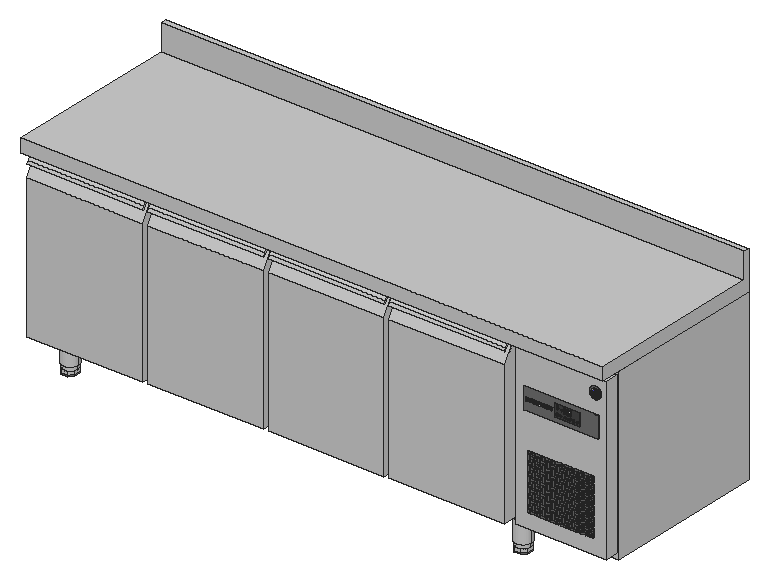
Revit family "QF_HOSHIZAKI_889040826", category Specialty Equipment, Revit 2016 (continued)
Definition of nested family "QF_HOSHIZAKI_ADVANCE_REF-COUNTER-DOORS-DRAWERS"
  Dimensions and locks
    aligned and locked: plane 1 "Back" to nested 5
    aligned and locked: plane 3 "Left" to nested 6
    aligned and locked: plane 1 "Back" to nested 6
    aligned and locked: plane 3 "Left" to nested 7
    aligned and locked: plane 1 "Back" to nested 7
  Nested families
    nested 1: "Right_Door" at (0, 0, 0), Section size <- "Section size", type "Right door"
      with Worktop thickness 50 mm, Section size 446 mm, Legs height 0 mm, Height Actual 700 mm, Depth Actual 0 mm
    nested 2: "Left_Door" at (0, 0, 0), Section size <- "Section size", type "Left door"
      with Worktop thickness 50 mm, Section size 446 mm, Legs height 0 mm, Height Actual 700 mm, Depth Actual 0 mm, Left hand hinged door no
    nested 3: "3_Drawers_1-3" at (0, 0, 0), Section size <- "Section size", type "3 Drawers 1-3"
      with Worktop thickness 50 mm, Section size 446 mm, Legs height 0 mm, Height Actual 700 mm, Depth Actual 0 mm, 3 Drawers no
    nested 4: "2_Drawers_1-2" at (0, 0, 0), Section size <- "Section size", type "2 Drawers 1-2"
      with Worktop thickness 50 mm, Section size 446 mm, Legs height 0 mm, Height Actual 700 mm, Depth Actual 0 mm, 2 Drawers no
    nested 5: "3_Drawers_1-3_2-3" at (0, 0, 0), Section size <- "Section size", type "2 Drawers 1-3 and 2-3"
      with Worktop thickness 40 mm, Section size 446 mm, Legs height 0 mm, Height Actual 750 mm, Depth Actual 0 mm, 2 Drawers 1-3 and 2-3 no
    nested 6: "Right_Glass_Door" at (0, 0, 0), Section size <- "Section size", type "Right glass door"
      with Worktop thickness 40 mm, Section size 446 mm, Legs height 0 mm, Height Actual 750 mm, Depth Actual 0 mm, Right hand hinged glass door no
    nested 7: "Left_Glass_Door" at (0, 0, 0), Section size <- "Section size", type "Left glass door"
      with Worktop thickness 40 mm, Section size 446 mm, Legs height 0 mm, Height Actual 750 mm, Depth Actual 0 mm, Left hand hinged glass door no
  Definition of nested family "Right_Door"
    Parameters (values of type "Right door")
      Worktop thickness [instance] = 50 mm
      URL = "www.specifiglobal.com"
      Section size [instance] = 446 mm
      Right hand hinged door = yes
      Model = ""
      Manufacturer = "DEMO CONSULTANT"
      Legs height [instance] = 150 mm
      Height Actual [instance] = 850 mm
      Description = ""
      Depth Actual [instance] = 700 mm
      Assembly Code = "E1090320"
    Reference planes
      plane 1 "Back": y = 0
      plane 2: z = 0
      plane 3 "Left": x = 0
      plane 4 "Right": x = 446
      plane 5 "Front": y = -700
      plane 6 "Top": z = 850
      plane 7 "Front door": y = -633
      plane 8 "Bottom shelf": z = 150
      plane 9 "Worktop bottom": z = 800
      plane 10: z = 784
      plane 11: z = 170
    Forms (mm)
      Extrusion 1, solid, visible <- "Right hand hinged door", detail levels coarse
        sketch origin (0, -608.657, 170) x (0, 1, 0) y (-1, 0, 0)
          loop
            arc (-85.343, 0) -> (-400.712, -130.63) -> (-531.343, -446) r 446
            line (-531.343, -446) -> (-85.343, -446) -> (-85.343, 0)
        from 0 to 614
      Extrusion 2, solid, visible <- "Right hand hinged door"
        sketch origin (860, -633, 4000) x (-1, 0, 0) y (0, 0, 1)
          loop
            line (852, -3224) -> (422, -3224) -> (422, -3822) -> (852, -3822) -> (852, -3224)
          loop
            line (823, -3253) -> (451, -3253) -> (451, -3793) -> (823, -3793) -> (823, -3253)
        from 0 to -11
      Extrusion 3, solid, visible <- "Right hand hinged door"
        sketch origin (0, 0, 0) x (0, 1, 0) y (0, 0, 1)
          loop
            line (-644, 784) -> (-675.296, 784)
            arc (-675.296, 784) -> (-683.245, 781.721) -> (-688.778, 775.576) r 15
            line (-688.778, 775.576) -> (-694, 764.869) -> (-692.202, 763.992) -> (-686.981, 774.699)
            arc (-686.981, 774.699) -> (-682.185, 780.025) -> (-675.296, 782) r 13
            line (-675.296, 782) -> (-656.484, 782) -> (-694, 717.02) -> (-694, 170) -> (-644, 170) -> (-644, 784)
        from 0 to 446
    Lines and regions (mm)
      symbolic lines, visible <- "Right hand hinged door"
        curve 1: line (446, -700, 850) -> (446, -1140, 850)
        curve 2: arc (0.04, -700, 850) -> (132.759, -1011.484, 850) -> (446, -1140, 850) r 446
    Dimensions and locks
      "Section size": plane 3 "Left" to plane 4 "Right"
      "Depth Actual": plane 5 "Front" to plane 1 "Back"
      "Height Actual": plane 6 "Top" to level
      locked: plane 7 "Front door" to plane 5 "Front" at 67
      "Legs height": plane 8 "Bottom shelf" to plane 2
      "Worktop thickness": plane 6 "Top" to plane 9 "Worktop bottom"
      locked: plane 11 to plane 8 "Bottom shelf" at 20
      locked: plane 9 "Worktop bottom" to plane 10 at 16
      aligned and locked: level to plane 2
      aligned and locked: Extrusion 1 to plane 10
      aligned and locked: Extrusion 3 to plane 4 "Right"
      aligned and locked: curve 2 to Extrusion 1
      aligned and locked: plane 10 to Extrusion 3 sketch curve
      aligned and locked: Extrusion 3 sketch curve to plane 11
    Automatic sketch dimensions
      plane 4 "Right" to Extrusion 2 sketch curve = 8 mm
      plane 4 "Right" to Extrusion 2 sketch curve = 37 mm
      plane 3 "Left" to Extrusion 2 sketch curve = 37 mm
      plane 3 "Left" to Extrusion 2 sketch curve = 8 mm
      plane 11 to Extrusion 2 sketch curve = 8 mm
      plane 11 to Extrusion 2 sketch curve = 37 mm
      Extrusion 2 sketch curve to plane 10 = 37 mm
      Extrusion 2 sketch curve to plane 10 = 8 mm
      Extrusion 1 sketch curve to plane 4 "Right" = 0 mm
      Extrusion 1 sketch curve to plane 3 "Left" = 0 mm
      plane 5 "Front" to Extrusion 1 sketch curve = 6 mm
      curve 1 to plane 5 "Front" = 0 mm
      curve 2 to plane 5 "Front" = 0 mm
      Extrusion 3 sketch curve to Extrusion 3 sketch curve = 0 mm  (x2)
      Extrusion 3 sketch curve to plane 7 "Front door" = 61 mm  (x2)
      Extrusion 3 sketch curve to Extrusion 3 sketch curve = 1.798 mm  (x2)
      Extrusion 3 sketch curve to plane 10 = 8.424 mm
      Extrusion 3 sketch curve to Extrusion 3 sketch curve = 5.222 mm
      Extrusion 3 sketch curve to plane 10 = 9.301 mm
      Extrusion 3 sketch curve to plane 7 "Front door" = 42.296 mm
      Extrusion 3 sketch curve to plane 7 "Front door" = 23.484 mm
      Extrusion 3 sketch curve to Extrusion 3 sketch curve = 12.484 mm
      Extrusion 3 sketch curve to Extrusion 3 sketch curve = 46.972 mm
  Definition of nested family "Left_Door"
    Parameters (values of type "Left door")
      Worktop thickness [instance] = 50 mm
      URL = "www.specifiglobal.com"
      Section size [instance] = 450 mm
      Model = ""
      Manufacturer = "DEMO CONSULTANT"
      Legs height [instance] = 150 mm
      Left hand hinged door = yes
      Height Actual [instance] = 850 mm
      Description = ""
      Depth Actual [instance] = 700 mm
      Assembly Code = "E1090320"
    Reference planes
      plane 1 "Back": y = 0
      plane 2: z = 0
      plane 3 "Left": x = 0
      plane 4 "Right": x = 450
      plane 5 "Front": y = -700
      plane 6 "Top": z = 850
      plane 7 "Front door": y = -633
      plane 8 "Bottom shelf": z = 150
      plane 9 "Worktop bottom": z = 800
      plane 10: z = 784
      plane 11: z = 170
    Forms (mm)
      Extrusion 1, solid, visible <- "Left hand hinged door"
        sketch origin (860, -633, 4000) x (-1, 0, 0) y (0, 0, 1)
          loop
            line (852, -3224) -> (418, -3224) -> (418, -3822) -> (852, -3822) -> (852, -3224)
          loop
            line (823, -3253) -> (447, -3253) -> (447, -3793) -> (823, -3793) -> (823, -3253)
        from 0 to -11
      Extrusion 2, solid, visible <- "Left hand hinged door"
        sketch origin (0, 0, 0) x (0, 1, 0) y (0, 0, 1)
          loop
            line (-644, 784) -> (-675.296, 784)
            arc (-675.296, 784) -> (-683.245, 781.721) -> (-688.778, 775.576) r 15
            line (-688.778, 775.576) -> (-694, 764.869) -> (-692.202, 763.992) -> (-686.981, 774.699)
            arc (-686.981, 774.699) -> (-682.185, 780.025) -> (-675.296, 782) r 13
            line (-675.296, 782) -> (-656.484, 782) -> (-694, 717.02) -> (-694, 170) -> (-644, 170) -> (-644, 784)
        from 0 to 450
      Extrusion 3, solid, visible <- "Left hand hinged door", detail levels coarse
        sketch origin (0, -608.657, 170) x (0, 1, 0) y (-1, 0, 0)
          loop
            line (-85.343, -450) -> (-85.343, 0) -> (-535.343, 0)
            arc (-535.343, 0) -> (-403.541, -318.198) -> (-85.343, -450) r 450
        from 0 to 614
    Lines and regions (mm)
      symbolic lines, visible <- "Left hand hinged door"
        curve 1: line (0, -700, 850) -> (0, -1144, 850)
        curve 2: arc (0, -1144, 850) -> (316.07, -1014.312, 850) -> (449.96, -700, 850) r 450
    Dimensions and locks
      "Section size": plane 3 "Left" to plane 4 "Right"
      "Depth Actual": plane 5 "Front" to plane 1 "Back"
      "Height Actual": plane 6 "Top" to level
      locked: plane 7 "Front door" to plane 5 "Front" at 67
      "Legs height": plane 8 "Bottom shelf" to plane 2
      "Worktop thickness": plane 6 "Top" to plane 9 "Worktop bottom"
      locked: plane 11 to plane 8 "Bottom shelf" at 20
      locked: plane 9 "Worktop bottom" to plane 10 at 16
      aligned and locked: level to plane 2
      aligned and locked: Extrusion 2 to plane 4 "Right"
      aligned and locked: Extrusion 3 to plane 10
      aligned and locked: curve 2 to Extrusion 3
      aligned and locked: plane 10 to Extrusion 2 sketch curve
      aligned and locked: Extrusion 2 sketch curve to plane 11
    Automatic sketch dimensions
      plane 4 "Right" to Extrusion 1 sketch curve = 8 mm
      plane 4 "Right" to Extrusion 1 sketch curve = 37 mm
      plane 3 "Left" to Extrusion 1 sketch curve = 37 mm
      plane 3 "Left" to Extrusion 1 sketch curve = 8 mm
      plane 11 to Extrusion 1 sketch curve = 8 mm
      plane 11 to Extrusion 1 sketch curve = 37 mm
      Extrusion 1 sketch curve to plane 10 = 37 mm
      Extrusion 1 sketch curve to plane 10 = 8 mm
      Extrusion 3 sketch curve to plane 3 "Left" = 0 mm
      Extrusion 3 sketch curve to plane 4 "Right" = 0 mm
      plane 5 "Front" to Extrusion 3 sketch curve = 6 mm
      curve 1 to plane 5 "Front" = 0 mm
      curve 2 to plane 5 "Front" = 0 mm
      Extrusion 2 sketch curve to Extrusion 2 sketch curve = 0 mm  (x2)
      plane 5 "Front" to Extrusion 2 sketch curve = 6 mm  (x2)
      Extrusion 2 sketch curve to Extrusion 2 sketch curve = 1.798 mm
      plane 5 "Front" to Extrusion 2 sketch curve = 11.222 mm
      Extrusion 2 sketch curve to Extrusion 2 sketch curve = 11.684 mm
      Extrusion 2 sketch curve to Extrusion 2 sketch curve = 18.812 mm
      Extrusion 2 sketch curve to plane 7 "Front door" = 11 mm
      Extrusion 2 sketch curve to plane 10 = 66.98 mm
      Extrusion 2 sketch curve to plane 10 = 20.008 mm
      Extrusion 2 sketch curve to Extrusion 2 sketch curve = 0.877 mm  (x2)
  Definition of nested family "3_Drawers_1-3"
    Parameters (values of type "3 Drawers 1-3")
      Worktop thickness [instance] = 50 mm
      URL = "www.specifiglobal.com"
      Section size [instance] = 446 mm
      Model = ""
      Manufacturer = "DEMO CONSULTANT"
      Legs height [instance] = 150 mm
      Height Actual [instance] = 850 mm
      Description = ""
      Depth Actual [instance] = 700 mm
      Assembly Code = "E1090320"
      3 Drawers = yes
    Reference planes
      plane 1 "Back": y = 0
      plane 2: z = 0
      plane 3 "Left": x = 0
      plane 4 "Right": x = 446
      plane 5 "Front": y = -700
      plane 6 "Top": z = 850
      plane 7 "Front door": y = -633
      plane 8 "Bottom shelf": z = 150
      plane 9 "Worktop bottom": z = 800
      plane 10: z = 784
      plane 11: z = 170
      plane 12: z = 584
      plane 13: z = 577
      plane 14: z = 370
      plane 15: z = 377
      plane 16: z = 580.5
      plane 17: z = 373.5
      plane 18: z = 166.5
      plane 19: z = 787.5
    Forms (mm)
      Extrusion 1, solid, visible <- "3 Drawers"
        sketch origin (860, -633, 4000) x (-1, 0, 0) y (0, 0, 1)
          loop
            line (852, -3224) -> (422, -3224) -> (422, -3408) -> (852, -3408) -> (852, -3224)
          loop
            line (823, -3253) -> (451, -3253) -> (451, -3379) -> (823, -3379) -> (823, -3253)
        from 0 to -11
      Extrusion 2, solid, visible <- "3 Drawers"
        sketch origin (0, 0, 0) x (0, 1, 0) y (0, 0, 1)
          loop
            line (-644, 784) -> (-675.296, 784)
            arc (-675.296, 784) -> (-683.245, 781.721) -> (-688.778, 775.576) r 15
            line (-688.778, 775.576) -> (-694, 764.869) -> (-692.202, 763.992) -> (-686.981, 774.699)
            arc (-686.981, 774.699) -> (-682.185, 780.025) -> (-675.296, 782) r 13
            line (-675.296, 782) -> (-656.484, 782) -> (-694, 717.02) -> (-694, 584) -> (-644, 584) -> (-644, 784)
        from 0 to 446
      Extrusion 3, solid, visible <- "3 Drawers"
        sketch origin (0, 0, -237.3) x (0, 1, 0) y (0, 0, 1)
          loop
            line (-644, 814.3) -> (-675.296, 814.3)
            arc (-675.296, 814.3) -> (-683.245, 812.021) -> (-688.778, 805.876) r 15
            line (-688.778, 805.876) -> (-694, 795.169) -> (-692.202, 794.292) -> (-686.981, 804.999)
            arc (-686.981, 804.999) -> (-682.185, 810.325) -> (-675.296, 812.3) r 13
            line (-675.296, 812.3) -> (-656.484, 812.3) -> (-694, 747.32) -> (-694, 614.3) -> (-644, 614.3) -> (-644, 814.3)
        from 0 to 446
      Extrusion 4, solid, visible <- "3 Drawers"
        sketch origin (0, 0, -463.333) x (0, 1, 0) y (0, 0, 1)
          loop
            line (-644, 833.333) -> (-675.296, 833.333)
            arc (-675.296, 833.333) -> (-683.245, 831.054) -> (-688.778, 824.909) r 15
            line (-688.778, 824.909) -> (-694, 814.202) -> (-692.202, 813.326) -> (-686.981, 824.032)
            arc (-686.981, 824.032) -> (-682.185, 829.358) -> (-675.296, 831.333) r 13
            line (-675.296, 831.333) -> (-656.484, 831.333) -> (-694, 766.353) -> (-694, 633.333) -> (-644, 633.333) -> (-644, 833.333)
        from 0 to 446
      Extrusion 5, solid, visible <- "3 Drawers"
        sketch origin (860, -633, 3773.7) x (-1, 0, 0) y (0, 0, 1)
          loop
            line (852, -3204.7) -> (422, -3204.7) -> (422, -3388.7) -> (852, -3388.7) -> (852, -3204.7)
          loop
            line (823, -3233.7) -> (451, -3233.7) -> (451, -3359.7) -> (823, -3359.7) -> (823, -3233.7)
        from 0 to -11
      Extrusion 6, solid, visible <- "3 Drawers"
        sketch origin (860, -633, 3547) x (-1, 0, 0) y (0, 0, 1)
          loop
            line (852, -3185) -> (422, -3185) -> (422, -3369) -> (852, -3369) -> (852, -3185)
          loop
            line (823, -3214) -> (451, -3214) -> (451, -3340) -> (823, -3340) -> (823, -3214)
        from 0 to -11
      Extrusion 7, solid, visible <- "3 Drawers", detail levels coarse
        sketch origin (0, -608.657, 584) x (0, 1, 0) y (-1, 0, 0)
          loop
            line (-85.343, 0) -> (-551.343, 0) -> (-551.343, -446) -> (-85.343, -446) -> (-85.343, 0)
        from 0 to 200
      Extrusion 8, solid, visible <- "3 Drawers", detail levels coarse
        sketch origin (0, -503.657, 377) x (0, 1, 0) y (-1, 0, 0)
          loop
            line (-190.343, 0) -> (-656.343, 0) -> (-656.343, -446) -> (-190.343, -446) -> (-190.343, 0)
        from 0 to 200
      Extrusion 9, solid, visible <- "3 Drawers", detail levels coarse
        sketch origin (0, -343.657, 170) x (0, 1, 0) y (-1, 0, 0)
          loop
            line (-350.343, 0) -> (-816.343, 0) -> (-816.343, -446) -> (-350.343, -446) -> (-350.343, 0)
        from 0 to 200
    Lines and regions (mm)
      symbolic lines, visible <- "3 Drawers"
        curve 1: line (0, -808, 850) -> (0, -854, 850)
        curve 2: line (0, -854, 850) -> (446, -854, 850)
        curve 3: line (446, -854, 850) -> (446, -808, 850)
        curve 4: line (446, -808, 850) -> (0, -808, 850)
        curve 5: line (416, -808, 850) -> (416, -700, 850)
        curve 6: line (30, -808, 850) -> (30, -700, 850)
        curve 7: line (0, -961, 850) -> (0, -1007, 850)
        curve 8: line (0, -1007, 850) -> (446, -1007, 850)
        curve 9: line (446, -1007, 850) -> (446, -961, 850)
        curve 10: line (446, -961, 850) -> (0, -961, 850)
        curve 11: line (416, -961, 850) -> (416, -854, 850)
        curve 12: line (30, -961, 850) -> (30, -854, 850)
        curve 13: line (0, -1114, 850) -> (0, -1160, 850)
        curve 14: line (0, -1160, 850) -> (446, -1160, 850)
        curve 15: line (446, -1160, 850) -> (446, -1114, 850)
        curve 16: line (446, -1114, 850) -> (0, -1114, 850)
        curve 17: line (416, -1114, 850) -> (416, -1007, 850)
        curve 18: line (30, -1114, 850) -> (30, -1007, 850)
    Dimensions and locks
      "Section size": plane 3 "Left" to plane 4 "Right"
      "Depth Actual": plane 5 "Front" to plane 1 "Back"
      "Height Actual": plane 6 "Top" to level
      locked: plane 7 "Front door" to plane 5 "Front" at 67
      "Legs height": plane 8 "Bottom shelf" to plane 2
      "Worktop thickness": plane 6 "Top" to plane 9 "Worktop bottom"
      locked: plane 11 to plane 8 "Bottom shelf" at 20
      locked: plane 9 "Worktop bottom" to plane 10 at 16
      locked: plane 12 to plane 13 at 7
      locked: plane 15 to plane 14 at 7
      locked: plane 11 to plane 18 at 3.5
      equal spacing: plane 12, plane 16, plane 13
      equal spacing: plane 15, plane 17, plane 14
      locked: plane 19 to plane 10 at 3.5
      equal spacing: plane 19, plane 16, plane 17, plane 18
      aligned and locked: level to plane 2
      aligned and locked: Extrusion 2 to plane 4 "Right"
      aligned and locked: Extrusion 3 to plane 4 "Right"
      aligned and locked: Extrusion 4 to plane 4 "Right"
      aligned and locked: plane 4 "Right" to Extrusion 7 sketch curve
      aligned and locked: plane 3 "Left" to Extrusion 7 sketch curve
      aligned and locked: Extrusion 7 to plane 10
      aligned and locked: Extrusion 8 to plane 13
      aligned and locked: Extrusion 9 to plane 14
      aligned and locked: plane 10 to Extrusion 2 sketch curve
      aligned and locked: Extrusion 2 sketch curve to plane 12
      aligned and locked: Extrusion 3 sketch curve to plane 15
      aligned and locked: plane 13 to Extrusion 3 sketch curve
    Automatic sketch dimensions
      plane 4 "Right" to Extrusion 1 sketch curve = 8 mm
      plane 4 "Right" to Extrusion 1 sketch curve = 37 mm
      plane 3 "Left" to Extrusion 1 sketch curve = 37 mm
      plane 3 "Left" to Extrusion 1 sketch curve = 8 mm
      plane 12 to Extrusion 1 sketch curve = 8 mm
      plane 12 to Extrusion 1 sketch curve = 37 mm
      Extrusion 1 sketch curve to plane 10 = 37 mm
      Extrusion 1 sketch curve to plane 10 = 8 mm
      plane 4 "Right" to Extrusion 5 sketch curve = 8 mm
      plane 4 "Right" to Extrusion 5 sketch curve = 37 mm
      plane 3 "Left" to Extrusion 5 sketch curve = 37 mm
      plane 3 "Left" to Extrusion 5 sketch curve = 8 mm
      plane 15 to Extrusion 5 sketch curve = 8 mm
      plane 15 to Extrusion 5 sketch curve = 37 mm
      Extrusion 5 sketch curve to plane 13 = 37 mm
      Extrusion 5 sketch curve to plane 13 = 8 mm
      plane 4 "Right" to Extrusion 6 sketch curve = 8 mm
      plane 4 "Right" to Extrusion 6 sketch curve = 37 mm
      plane 3 "Left" to Extrusion 6 sketch curve = 37 mm
      plane 3 "Left" to Extrusion 6 sketch curve = 8 mm
      plane 11 to Extrusion 6 sketch curve = 8 mm
      plane 11 to Extrusion 6 sketch curve = 37 mm
      Extrusion 6 sketch curve to plane 14 = 37 mm
      Extrusion 6 sketch curve to plane 14 = 8 mm
      Extrusion 7 sketch curve to plane 5 "Front" = 460 mm
      plane 5 "Front" to Extrusion 7 sketch curve = 6 mm
      Extrusion 8 sketch curve to plane 3 "Left" = 0 mm
      Extrusion 8 sketch curve to plane 4 "Right" = 0 mm
      Extrusion 8 sketch curve to plane 5 "Front" = 460 mm
      plane 5 "Front" to Extrusion 8 sketch curve = 6 mm
      Extrusion 9 sketch curve to plane 3 "Left" = 0 mm
      Extrusion 9 sketch curve to plane 4 "Right" = 0 mm
      Extrusion 9 sketch curve to plane 5 "Front" = 460 mm
      plane 5 "Front" to Extrusion 9 sketch curve = 6 mm
      curve 13 to plane 3 "Left" = 0 mm
      curve 14 to plane 4 "Right" = 0 mm
      curve 7 to plane 3 "Left" = 0 mm
      curve 8 to plane 4 "Right" = 0 mm
      curve 1 to plane 3 "Left" = 0 mm
      curve 3 to plane 4 "Right" = 0 mm
      curve 6 to plane 5 "Front" = 0 mm
      curve 5 to plane 5 "Front" = 0 mm
      curve 1 to plane 5 "Front" = 108 mm
      curve 2 to curve 3 = 46 mm
      curve 7 to curve 1 = 107 mm
      curve 9 to curve 9 = 46 mm
      curve 16 to curve 7 = 107 mm
      curve 14 to curve 13 = 46 mm
      curve 8 to curve 17 = 30 mm
      curve 9 to curve 11 = 30 mm
      curve 3 to curve 5 = 30 mm
      plane 3 "Left" to curve 6 = 30 mm
      plane 3 "Left" to curve 18 = 30 mm
      plane 3 "Left" to curve 12 = 30 mm
      Extrusion 2 sketch curve to Extrusion 2 sketch curve = 0 mm  (x3)
      plane 5 "Front" to Extrusion 2 sketch curve = 6 mm  (x2)
      Extrusion 2 sketch curve to Extrusion 2 sketch curve = 1.798 mm  (x2)
      Extrusion 2 sketch curve to Extrusion 2 sketch curve = 11.684 mm
      plane 5 "Front" to Extrusion 2 sketch curve = 43.516 mm
      plane 5 "Front" to Extrusion 2 sketch curve = 56 mm
      Extrusion 2 sketch curve to plane 10 = 66.98 mm
      Extrusion 3 sketch curve to Extrusion 3 sketch curve = 0 mm  (x4)
      Extrusion 3 sketch curve to Extrusion 3 sketch curve = 1.798 mm  (x2)
      plane 5 "Front" to Extrusion 3 sketch curve = 11.222 mm
      Extrusion 3 sketch curve to Extrusion 3 sketch curve = 18.812 mm
      Extrusion 3 sketch curve to plane 7 "Front door" = 11 mm
      Extrusion 3 sketch curve to Extrusion 3 sketch curve = 46.972 mm
      Extrusion 4 sketch curve to Extrusion 4 sketch curve = 0 mm  (x2)
      Extrusion 4 sketch curve to plane 11 = 0 mm
      Extrusion 4 sketch curve to plane 14 = 0 mm
      Extrusion 4 sketch curve to plane 7 "Front door" = 61 mm  (x2)
      Extrusion 4 sketch curve to Extrusion 4 sketch curve = 1.798 mm  (x2)
      Extrusion 4 sketch curve to plane 14 = 8.424 mm
      Extrusion 4 sketch curve to Extrusion 4 sketch curve = 5.222 mm
      Extrusion 4 sketch curve to plane 14 = 9.301 mm
      Extrusion 4 sketch curve to plane 7 "Front door" = 42.296 mm
      Extrusion 4 sketch curve to plane 7 "Front door" = 23.484 mm
      Extrusion 4 sketch curve to plane 7 "Front door" = 11 mm
      Extrusion 4 sketch curve to Extrusion 4 sketch curve = 46.972 mm
      plane 5 "Front" to Extrusion 2 sketch curve = 11.222 mm
      plane 5 "Front" to Extrusion 3 sketch curve = 7.798 mm
      plane 5 "Front" to Extrusion 3 sketch curve = 6 mm
      Extrusion 3 sketch curve to Extrusion 3 sketch curve = 11.684 mm
      Extrusion 3 sketch curve to Extrusion 3 sketch curve = 66.98 mm
      Extrusion 3 sketch curve to Extrusion 3 sketch curve = 0.877 mm
      Extrusion 2 sketch curve to plane 10 = 20.008 mm
      Extrusion 2 sketch curve to Extrusion 2 sketch curve = 0.877 mm
  Definition of nested family "2_Drawers_1-2"
    Parameters (values of type "2 Drawers 1-2")
      Worktop thickness [instance] = 50 mm
      URL = "www.specifiglobal.com"
      Section size [instance] = 446 mm
      Model = ""
      Manufacturer = "DEMO CONSULTANT"
      Legs height [instance] = 150 mm
      Height Actual [instance] = 850 mm
      Description = ""
      Depth Actual [instance] = 700 mm
      Assembly Code = "E1090320"
      2 Drawers = yes
    Reference planes
      plane 1 "Back": y = 0
      plane 2: z = 0
      plane 3 "Left": x = 0
      plane 4 "Right": x = 446
      plane 5 "Front": y = -700
      plane 6 "Top": z = 850
      plane 7 "Front door": y = -633
      plane 8 "Bottom shelf": z = 150
      plane 9 "Worktop bottom": z = 800
      plane 10: z = 784
      plane 11: z = 170
      plane 12: z = 481
      plane 13: z = 473
      plane 14: z = 477
      plane 15: z = 792
      plane 16: z = 160
    Forms (mm)
      Extrusion 1, solid, visible <- "2 Drawers"
        sketch origin (860, -633, 4000) x (-1, 0, 0) y (0, 0, 1)
          loop
            line (852, -3224) -> (422, -3224) -> (422, -3511) -> (852, -3511) -> (852, -3224)
          loop
            line (823, -3253) -> (451, -3253) -> (451, -3482) -> (823, -3482) -> (823, -3253)
        from 0 to -11
      Extrusion 2, solid, visible <- "2 Drawers"
        sketch origin (0, 0, 0) x (0, 1, 0) y (0, 0, 1)
          loop
            line (-644, 784) -> (-675.296, 784)
            arc (-675.296, 784) -> (-683.245, 781.721) -> (-688.778, 775.576) r 15
            line (-688.778, 775.576) -> (-694, 764.869) -> (-692.202, 763.992) -> (-686.981, 774.699)
            arc (-686.981, 774.699) -> (-682.185, 780.025) -> (-675.296, 782) r 13
            line (-675.296, 782) -> (-656.484, 782) -> (-694, 717.02) -> (-694, 481) -> (-644, 481) -> (-644, 784)
        from 0 to 446
      Extrusion 3, solid, visible <- "2 Drawers"
        sketch origin (0, 0, -463.333) x (0, 1, 0) y (0, 0, 1)
          loop
            line (-644, 936.333) -> (-675.296, 936.333)
            arc (-675.296, 936.333) -> (-683.245, 934.054) -> (-688.778, 927.909) r 15
            line (-688.778, 927.909) -> (-694, 917.202) -> (-692.202, 916.326) -> (-686.981, 927.032)
            arc (-686.981, 927.032) -> (-682.185, 932.358) -> (-675.296, 934.333) r 13
            line (-675.296, 934.333) -> (-656.484, 934.333) -> (-694, 869.353) -> (-694, 633.333) -> (-644, 633.333) -> (-644, 936.333)
        from 0 to 446
      Extrusion 4, solid, visible <- "2 Drawers"
        sketch origin (860, -633, 3547) x (-1, 0, 0) y (0, 0, 1)
          loop
            line (852, -3082) -> (422, -3082) -> (422, -3369) -> (852, -3369) -> (852, -3082)
          loop
            line (823, -3111) -> (451, -3111) -> (451, -3340) -> (823, -3340) -> (823, -3111)
        from 0 to -11
      Extrusion 5, solid, visible <- "2 Drawers", detail levels coarse
        sketch origin (0, -608.657, 481) x (0, 1, 0) y (-1, 0, 0)
          loop
            line (-85.343, 0) -> (-551.343, 0) -> (-551.343, -446) -> (-85.343, -446) -> (-85.343, 0)
        from 0 to 303
      Extrusion 6, solid, visible <- "2 Drawers", detail levels coarse
        sketch origin (0, -343.657, 170) x (0, 1, 0) y (-1, 0, 0)
          loop
            line (-350.343, 0) -> (-816.343, 0) -> (-816.343, -446) -> (-350.343, -446) -> (-350.343, 0)
        from 0 to 303
    Lines and regions (mm)
      symbolic lines, visible <- "2 Drawers"
        curve 1: line (0, -884, 850) -> (0, -930, 850)
        curve 2: line (0, -930, 850) -> (446, -930, 850)
        curve 3: line (446, -930, 850) -> (446, -884, 850)
        curve 4: line (446, -884, 850) -> (0, -884, 850)
        curve 5: line (416, -884, 850) -> (416, -700, 850)
        curve 6: line (30, -884, 850) -> (30, -700, 850)
        curve 7: line (0, -1114, 850) -> (0, -1160, 850)
        curve 8: line (0, -1160, 850) -> (446, -1160, 850)
        curve 9: line (446, -1160, 850) -> (446, -1114, 850)
        curve 10: line (446, -1114, 850) -> (0, -1114, 850)
        curve 11: line (416, -1114, 850) -> (416, -930, 850)
        curve 12: line (30, -1114, 850) -> (30, -930, 850)
    Dimensions and locks
      "Section size": plane 3 "Left" to plane 4 "Right"
      "Depth Actual": plane 5 "Front" to plane 1 "Back"
      "Height Actual": plane 6 "Top" to level
      locked: plane 7 "Front door" to plane 5 "Front" at 67
      "Legs height": plane 8 "Bottom shelf" to plane 2
      "Worktop thickness": plane 6 "Top" to plane 9 "Worktop bottom"
      locked: plane 11 to plane 8 "Bottom shelf" at 20
      locked: plane 9 "Worktop bottom" to plane 10 at 16
      equal spacing: plane 9 "Worktop bottom", plane 15, plane 10
      equal spacing: plane 11, plane 16, plane 8 "Bottom shelf"
      plane 12 to plane 13 = 8 mm
      equal spacing: plane 12, plane 14, plane 13
      equal spacing: plane 10, plane 14, plane 11
      aligned and locked: level to plane 2
      aligned and locked: Extrusion 2 to plane 4 "Right"
      aligned and locked: Extrusion 3 to plane 4 "Right"
      aligned and locked: plane 4 "Right" to Extrusion 5 sketch curve
      aligned and locked: plane 3 "Left" to Extrusion 5 sketch curve
      aligned and locked: Extrusion 5 to plane 10
      aligned and locked: Extrusion 6 to plane 13
      aligned and locked: Extrusion 2 sketch curve to plane 12
      aligned and locked: plane 10 to Extrusion 2 sketch curve
      aligned and locked: Extrusion 3 sketch curve to plane 11
      aligned and locked: plane 13 to Extrusion 3 sketch curve
    Automatic sketch dimensions
      plane 4 "Right" to Extrusion 1 sketch curve = 8 mm
      plane 4 "Right" to Extrusion 1 sketch curve = 37 mm
      plane 3 "Left" to Extrusion 1 sketch curve = 37 mm
      plane 3 "Left" to Extrusion 1 sketch curve = 8 mm
      plane 12 to Extrusion 1 sketch curve = 8 mm
      plane 12 to Extrusion 1 sketch curve = 37 mm
      Extrusion 1 sketch curve to plane 10 = 37 mm
      Extrusion 1 sketch curve to plane 10 = 8 mm
      plane 4 "Right" to Extrusion 4 sketch curve = 8 mm
      plane 4 "Right" to Extrusion 4 sketch curve = 37 mm
      plane 3 "Left" to Extrusion 4 sketch curve = 37 mm
      plane 3 "Left" to Extrusion 4 sketch curve = 8 mm
      plane 11 to Extrusion 4 sketch curve = 8 mm
      plane 11 to Extrusion 4 sketch curve = 37 mm
      Extrusion 4 sketch curve to plane 13 = 37 mm
      Extrusion 4 sketch curve to plane 13 = 8 mm
      Extrusion 5 sketch curve to plane 5 "Front" = 460 mm
      plane 5 "Front" to Extrusion 5 sketch curve = 6 mm
      Extrusion 6 sketch curve to plane 3 "Left" = 0 mm
      Extrusion 6 sketch curve to plane 4 "Right" = 0 mm
      Extrusion 6 sketch curve to plane 5 "Front" = 460 mm
      plane 5 "Front" to Extrusion 6 sketch curve = 6 mm
      curve 8 to plane 3 "Left" = 0 mm
      curve 8 to plane 4 "Right" = 0 mm
      curve 3 to plane 4 "Right" = 0 mm
      curve 1 to plane 3 "Left" = 0 mm
      curve 5 to plane 5 "Front" = 0 mm
      curve 6 to plane 5 "Front" = 0 mm
      curve 4 to plane 5 "Front" = 184 mm
      curve 2 to curve 1 = 46 mm
      curve 7 to curve 1 = 184 mm
      curve 9 to curve 9 = 46 mm
      plane 4 "Right" to curve 5 = 30 mm
      plane 4 "Right" to curve 11 = 30 mm
      plane 3 "Left" to curve 12 = 30 mm
      plane 3 "Left" to curve 6 = 30 mm
      Extrusion 2 sketch curve to Extrusion 2 sketch curve = 0 mm  (x2)
      plane 5 "Front" to Extrusion 2 sketch curve = 6 mm  (x2)
      Extrusion 2 sketch curve to Extrusion 2 sketch curve = 1.798 mm  (x2)
      Extrusion 2 sketch curve to Extrusion 2 sketch curve = 5.222 mm
      plane 5 "Front" to Extrusion 2 sketch curve = 24.704 mm
      plane 5 "Front" to Extrusion 2 sketch curve = 43.516 mm
      plane 5 "Front" to Extrusion 2 sketch curve = 56 mm
      Extrusion 2 sketch curve to Extrusion 2 sketch curve = 46.972 mm
      Extrusion 2 sketch curve to Extrusion 2 sketch curve = 0.877 mm
      Extrusion 2 sketch curve to Extrusion 2 sketch curve = 5.699 mm
      plane 5 "Front" to Extrusion 3 sketch curve = 6 mm  (x2)
      Extrusion 3 sketch curve to Extrusion 3 sketch curve = 1.798 mm  (x2)
      Extrusion 3 sketch curve to Extrusion 3 sketch curve = 5.222 mm
      Extrusion 3 sketch curve to Extrusion 3 sketch curve = 11.684 mm
      plane 5 "Front" to Extrusion 3 sketch curve = 43.516 mm
      plane 5 "Front" to Extrusion 3 sketch curve = 56 mm
      Extrusion 3 sketch curve to Extrusion 3 sketch curve = 46.972 mm
      Extrusion 3 sketch curve to Extrusion 3 sketch curve = 0 mm  (x2)
      Extrusion 3 sketch curve to Extrusion 3 sketch curve = 5.699 mm
      Extrusion 3 sketch curve to Extrusion 3 sketch curve = 0.877 mm
  Definition of nested family "3_Drawers_1-3_2-3"
    Parameters (values of type "2 Drawers 1-3 and 2-3")
      Worktop thickness [instance] = 40 mm
      URL = "www.specifiglobal.com"
      Section size [instance] = 421 mm
      Model = ""
      Manufacturer = "DEMO CONSULTANT"
      Legs height [instance] = 150 mm
      Height Actual [instance] = 900 mm
      Description = ""
      Depth Actual [instance] = 700 mm
      Assembly Code = "E1090320"
      2 Drawers 1-3 and 2-3 = yes
    Reference planes
      plane 1 "Back": y = 0
      plane 2: z = 0
      plane 3 "Left": x = 0
      plane 4 "Right": x = 421
      plane 5 "Front": y = -700
      plane 6 "Top": z = 900
      plane 7 "Front door": y = -633
      plane 8 "Bottom shelf": z = 150
      plane 9 "Worktop bottom": z = 860
      plane 10: z = 841
      plane 11: z = 186
      plane 12: z = 627
      plane 13: z = 620
      plane 14: z = 623.5
      plane 15: z = 850.5
      plane 16: z = 168
    Forms (mm)
      Extrusion 1, solid, visible <- "2 Drawers 1-3 and 2-3"
        sketch origin (860, -633, 4000) x (-1, 0, 0) y (0, 0, 1)
          loop
            line (852, -3167) -> (447, -3167) -> (447, -3365) -> (852, -3365) -> (852, -3167)
          loop
            line (823, -3196) -> (476, -3196) -> (476, -3336) -> (823, -3336) -> (823, -3196)
        from 0 to -11
      Extrusion 2, solid, visible <- "2 Drawers 1-3 and 2-3"
        sketch origin (0, 0, 0) x (0, 1, 0) y (0, 0, 1)
          loop
            line (-644, 841) -> (-675.296, 841)
            arc (-675.296, 841) -> (-683.245, 838.721) -> (-688.778, 832.576) r 15
            line (-688.778, 832.576) -> (-694, 821.869) -> (-692.202, 820.992) -> (-686.981, 831.699)
            arc (-686.981, 831.699) -> (-682.185, 837.025) -> (-675.296, 839) r 13
            line (-675.296, 839) -> (-656.484, 839) -> (-694, 774.02) -> (-694, 627) -> (-644, 627) -> (-644, 841)
        from 0 to 421
      Extrusion 3, solid, visible <- "2 Drawers 1-3 and 2-3"
        sketch origin (0, 0, -463.333) x (0, 1, 0) y (0, 0, 1)
          loop
            line (-644, 1083.333) -> (-675.296, 1083.333)
            arc (-675.296, 1083.333) -> (-683.245, 1081.054) -> (-688.778, 1074.909) r 15
            line (-688.778, 1074.909) -> (-694, 1064.202) -> (-692.202, 1063.326) -> (-686.981, 1074.032)
            arc (-686.981, 1074.032) -> (-682.185, 1079.358) -> (-675.296, 1081.333) r 13
            line (-675.296, 1081.333) -> (-656.484, 1081.333) -> (-694, 1016.353) -> (-694, 649.333) -> (-644, 649.333) -> (-644, 1083.333)
        from 0 to 421
      Extrusion 4, solid, visible <- "2 Drawers 1-3 and 2-3"
        sketch origin (860, -633, 3547) x (-1, 0, 0) y (0, 0, 1)
          loop
            line (852, -2935) -> (447, -2935) -> (447, -3353) -> (852, -3353) -> (852, -2935)
          loop
            line (823, -2964) -> (476, -2964) -> (476, -3324) -> (823, -3324) -> (823, -2964)
        from 0 to -11
      Extrusion 5, solid, visible <- "2 Drawers 1-3 and 2-3", detail levels coarse
        sketch origin (0, -608.657, 627) x (0, 1, 0) y (-1, 0, 0)
          loop
            line (-85.343, 0) -> (-551.343, 0) -> (-551.343, -421) -> (-85.343, -421) -> (-85.343, 0)
        from 0 to 214
      Extrusion 6, solid, visible <- "2 Drawers 1-3 and 2-3", detail levels coarse
        sketch origin (0, -343.657, 186) x (0, 1, 0) y (-1, 0, 0)
          loop
            line (-350.343, 0) -> (-816.343, 0) -> (-816.343, -421) -> (-350.343, -421) -> (-350.343, 0)
        from 0 to 434
    Lines and regions (mm)
      symbolic lines, visible <- "2 Drawers 1-3 and 2-3"
        curve 1: line (0, -804, 900) -> (0, -850, 900)
        curve 2: line (0, -850, 900) -> (421, -850, 900)
        curve 3: line (421, -850, 900) -> (421, -804, 900)
        curve 4: line (421, -804, 900) -> (0, -804, 900)
        curve 5: line (391, -804, 900) -> (391, -700, 900)
        curve 6: line (30, -804, 900) -> (30, -700, 900)
        curve 7: line (0, -1114, 900) -> (0, -1160, 900)
        curve 8: line (0, -1160, 900) -> (421, -1160, 900)
        curve 9: line (421, -1160, 900) -> (421, -1114, 900)
        curve 10: line (421, -1114, 900) -> (0, -1114, 900)
        curve 11: line (391, -1114, 900) -> (391, -850, 900)
        curve 12: line (30, -1114, 900) -> (30, -850, 900)
    Dimensions and locks
      "Section size": plane 3 "Left" to plane 4 "Right"
      "Depth Actual": plane 5 "Front" to plane 1 "Back"
      "Height Actual": plane 6 "Top" to level
      locked: plane 7 "Front door" to plane 5 "Front" at 67
      "Legs height": plane 8 "Bottom shelf" to plane 2
      "Worktop thickness": plane 6 "Top" to plane 9 "Worktop bottom"
      locked: plane 11 to plane 8 "Bottom shelf" at 36
      locked: plane 9 "Worktop bottom" to plane 10 at 19
      locked: plane 12 to plane 13 at 7
      equal spacing: plane 9 "Worktop bottom", plane 15, plane 10
      equal spacing: plane 11, plane 16, plane 8 "Bottom shelf"
      locked: Extrusion 4 sketch curve to plane 13 at 37
      locked: Extrusion 4 sketch curve to plane 13 at 8
      equal spacing: plane 12, plane 14, plane 13
      locked: plane 10 to plane 12 at 214
      aligned and locked: level to plane 2
      aligned and locked: Extrusion 2 to plane 4 "Right"
      aligned and locked: Extrusion 3 to plane 4 "Right"
      aligned and locked: plane 4 "Right" to Extrusion 5 sketch curve
      aligned and locked: plane 3 "Left" to Extrusion 5 sketch curve
      aligned and locked: Extrusion 5 to plane 10
      aligned and locked: Extrusion 6 to plane 13
      aligned and locked: plane 10 to Extrusion 2 sketch curve
      aligned and locked: Extrusion 2 sketch curve to plane 12
      aligned and locked: Extrusion 3 sketch curve to plane 11
      aligned and locked: plane 13 to Extrusion 3 sketch curve
    Automatic sketch dimensions
      plane 4 "Right" to Extrusion 1 sketch curve = 8 mm
      plane 4 "Right" to Extrusion 1 sketch curve = 37 mm
      plane 3 "Left" to Extrusion 1 sketch curve = 37 mm
      plane 3 "Left" to Extrusion 1 sketch curve = 8 mm
      plane 12 to Extrusion 1 sketch curve = 8 mm
      plane 12 to Extrusion 1 sketch curve = 37 mm
      Extrusion 1 sketch curve to plane 10 = 37 mm
      Extrusion 1 sketch curve to plane 10 = 8 mm
      plane 4 "Right" to Extrusion 4 sketch curve = 8 mm
      plane 4 "Right" to Extrusion 4 sketch curve = 37 mm
      plane 3 "Left" to Extrusion 4 sketch curve = 37 mm
      plane 3 "Left" to Extrusion 4 sketch curve = 8 mm
      plane 11 to Extrusion 4 sketch curve = 8 mm
      plane 11 to Extrusion 4 sketch curve = 37 mm
      Extrusion 5 sketch curve to plane 5 "Front" = 460 mm
      plane 5 "Front" to Extrusion 5 sketch curve = 6 mm
      Extrusion 6 sketch curve to plane 3 "Left" = 0 mm
      Extrusion 6 sketch curve to plane 4 "Right" = 0 mm
      Extrusion 6 sketch curve to plane 5 "Front" = 460 mm
      plane 5 "Front" to Extrusion 6 sketch curve = 6 mm
      curve 8 to plane 3 "Left" = 0 mm
      curve 8 to plane 4 "Right" = 0 mm
      curve 3 to plane 4 "Right" = 0 mm
      curve 1 to plane 3 "Left" = 0 mm
      curve 5 to plane 5 "Front" = 0 mm
      curve 6 to plane 5 "Front" = 0 mm
      curve 4 to plane 5 "Front" = 104 mm
      curve 2 to curve 1 = 46 mm
      curve 7 to curve 1 = 264 mm
      curve 9 to curve 9 = 46 mm
      curve 3 to curve 5 = 30 mm
      plane 4 "Right" to curve 11 = 30 mm
      plane 3 "Left" to curve 12 = 30 mm
      plane 3 "Left" to curve 6 = 30 mm
      Extrusion 2 sketch curve to Extrusion 2 sketch curve = 0 mm  (x2)
      Extrusion 2 sketch curve to plane 7 "Front door" = 61 mm  (x2)
      Extrusion 2 sketch curve to Extrusion 2 sketch curve = 1.798 mm  (x2)
      Extrusion 2 sketch curve to Extrusion 2 sketch curve = 5.222 mm
      Extrusion 2 sketch curve to Extrusion 2 sketch curve = 11.684 mm
      Extrusion 2 sketch curve to Extrusion 2 sketch curve = 18.812 mm
      Extrusion 2 sketch curve to Extrusion 2 sketch curve = 50 mm
      Extrusion 2 sketch curve to Extrusion 2 sketch curve = 46.972 mm
      Extrusion 2 sketch curve to Extrusion 2 sketch curve = 0.877 mm
      Extrusion 2 sketch curve to Extrusion 2 sketch curve = 5.699 mm
      Extrusion 3 sketch curve to Extrusion 3 sketch curve = 0 mm  (x2)
      plane 5 "Front" to Extrusion 3 sketch curve = 6 mm  (x2)
      Extrusion 3 sketch curve to Extrusion 3 sketch curve = 1.798 mm  (x2)
      plane 5 "Front" to Extrusion 3 sketch curve = 11.222 mm
      Extrusion 3 sketch curve to Extrusion 3 sketch curve = 11.684 mm
      Extrusion 3 sketch curve to Extrusion 3 sketch curve = 18.812 mm
      Extrusion 3 sketch curve to plane 7 "Front door" = 11 mm
      Extrusion 3 sketch curve to Extrusion 3 sketch curve = 57.679 mm
      Extrusion 3 sketch curve to Extrusion 3 sketch curve = 10.706 mm
      Extrusion 3 sketch curve to Extrusion 3 sketch curve = 5.699 mm
  Definition of nested family "Right_Glass_Door"
    Parameters (values of type "Right glass door")
      Worktop thickness [instance] = 40 mm
      URL = "www.specifiglobal.com"
      Section size [instance] = 421 mm
      Right hand hinged glass door = yes
      Model = ""
      Manufacturer = "DEMO CONSULTANT"
      Legs height [instance] = 150 mm
      Height Actual [instance] = 900 mm
      Description = ""
      Depth Actual [instance] = 700 mm
      Assembly Code = "E1090320"
    Reference planes
      plane 1 "Back": y = 0
      plane 2: z = 0
      plane 3 "Left": x = 0
      plane 4 "Right": x = 421
      plane 5 "Front": y = -700
      plane 6 "Top": z = 900
      plane 7 "Front door": y = -633
      plane 8 "Bottom shelf": z = 150
      plane 9 "Worktop bottom": z = 860
      plane 10: z = 841
      plane 11: z = 186
    Forms (mm)
      Extrusion 1, solid, visible <- "Right hand hinged glass door", detail levels coarse
        sketch origin (0, -608.657, 186) x (0, 1, 0) y (-1, 0, 0)
          loop
            arc (-85.343, 0) -> (-383.035, -123.308) -> (-506.343, -421) r 421
            line (-506.343, -421) -> (-85.343, -421) -> (-85.343, 0)
        from 0 to 655
      Extrusion 2, solid, visible <- "Right hand hinged glass door"
        sketch origin (860, -633, 4000) x (-1, 0, 0) y (0, 0, 1)
          loop
            line (852, -3167) -> (447, -3167) -> (447, -3806) -> (852, -3806) -> (852, -3167)
          loop
            line (823, -3196) -> (476, -3196) -> (476, -3777) -> (823, -3777) -> (823, -3196)
        from 0 to -11
      Extrusion 3, solid, visible <- "Right hand hinged glass door"
        sketch origin (0, -633, 0) x (-1, 0, 0) y (0, 0, 1)
          loop
            line (0, 841) -> (-421, 841) -> (-421, 186) -> (0, 186) -> (0, 841)
          loop
            line (-50, 791) -> (-371, 791) -> (-371, 236) -> (-50, 236) -> (-50, 791)
        from -11 to -61
      Extrusion 4, solid, visible <- "Right hand hinged glass door"
        sketch origin (0, -633, 0) x (-1, 0, 0) y (0, 0, 1)
          loop
            line (-50, 791) -> (-371, 791) -> (-371, 236) -> (-50, 236) -> (-50, 791)
        from -51 to -61
    Lines and regions (mm)
      symbolic lines, visible <- "Right hand hinged glass door"
        curve 1: line (421, -700, 900) -> (421, -1115, 900)
        curve 2: arc (0.043, -700, 900) -> (125.437, -993.806, 900) -> (421, -1115, 900) r 421
    Dimensions and locks
      "Section size": plane 3 "Left" to plane 4 "Right"
      "Depth Actual": plane 5 "Front" to plane 1 "Back"
      "Height Actual": plane 6 "Top" to level
      locked: plane 7 "Front door" to plane 5 "Front" at 67
      "Legs height": plane 8 "Bottom shelf" to plane 2
      "Worktop thickness": plane 6 "Top" to plane 9 "Worktop bottom"
      locked: plane 11 to plane 8 "Bottom shelf" at 36
      locked: plane 9 "Worktop bottom" to plane 10 at 19
      locked: plane 11 to Extrusion 4 sketch curve at 50
      locked: Extrusion 4 sketch curve to plane 3 "Left" at 50
      locked: Extrusion 4 sketch curve to plane 10 at 50
      locked: plane 4 "Right" to Extrusion 4 sketch curve at 50
      aligned and locked: level to plane 2
      aligned and locked: Extrusion 1 to plane 10
      aligned and locked: Extrusion 3 sketch curve to Extrusion 1  (x2)
      aligned and locked: curve 2 to Extrusion 1
    Automatic sketch dimensions
      plane 4 "Right" to Extrusion 2 sketch curve = 8 mm
      plane 4 "Right" to Extrusion 2 sketch curve = 37 mm
      plane 3 "Left" to Extrusion 2 sketch curve = 37 mm
      plane 3 "Left" to Extrusion 2 sketch curve = 8 mm
      plane 11 to Extrusion 2 sketch curve = 8 mm
      plane 11 to Extrusion 2 sketch curve = 37 mm
      Extrusion 2 sketch curve to plane 10 = 37 mm
      Extrusion 2 sketch curve to plane 10 = 8 mm
      plane 4 "Right" to Extrusion 3 sketch curve = 50 mm
      plane 3 "Left" to Extrusion 3 sketch curve = 50 mm
      plane 11 to Extrusion 3 sketch curve = 50 mm
      Extrusion 3 sketch curve to plane 10 = 50 mm
      Extrusion 1 sketch curve to plane 4 "Right" = 0 mm
      Extrusion 1 sketch curve to plane 3 "Left" = 0 mm
      plane 5 "Front" to Extrusion 1 sketch curve = 6 mm
      plane 4 "Right" to Extrusion 3 sketch curve = 0 mm
      Extrusion 3 sketch curve to plane 3 "Left" = 0 mm
      curve 1 to plane 5 "Front" = 0 mm
      curve 2 to plane 5 "Front" = 0 mm
  Definition of nested family "Left_Glass_Door"
    Parameters (values of type "Left glass door")
      Worktop thickness [instance] = 40 mm
      URL = "www.specifiglobal.com"
      Section size [instance] = 421 mm
      Model = ""
      Manufacturer = "DEMO CONSULTANT"
      Legs height [instance] = 150 mm
      Left hand hinged glass door = yes
      Height Actual [instance] = 900 mm
      Description = ""
      Depth Actual [instance] = 700 mm
      Assembly Code = "E1090320"
    Reference planes
      plane 1 "Back": y = 0
      plane 2: z = 0
      plane 3 "Left": x = 0
      plane 4 "Right": x = 421
      plane 5 "Front": y = -700
      plane 6 "Top": z = 900
      plane 7 "Front door": y = -633
      plane 8 "Bottom shelf": z = 150
      plane 9 "Worktop bottom": z = 860
      plane 10: z = 841
      plane 11: z = 186
    Forms (mm)
      Extrusion 1, solid, visible <- "Left hand hinged glass door"
        sketch origin (860, -633, 4000) x (-1, 0, 0) y (0, 0, 1)
          loop
            line (852, -3167) -> (447, -3167) -> (447, -3806) -> (852, -3806) -> (852, -3167)
          loop
            line (823, -3196) -> (476, -3196) -> (476, -3777) -> (823, -3777) -> (823, -3196)
        from 0 to -11
      Extrusion 2, solid, visible <- "Left hand hinged glass door"
        sketch origin (0, -633, 0) x (-1, 0, 0) y (0, 0, 1)
          loop
            line (0, 841) -> (-421, 841) -> (-421, 186) -> (0, 186) -> (0, 841)
          loop
            line (-50, 791) -> (-371, 791) -> (-371, 236) -> (-50, 236) -> (-50, 791)
        from -11 to -61
      Extrusion 3, solid, visible <- "Left hand hinged glass door"
        sketch origin (0, -633, 0) x (-1, 0, 0) y (0, 0, 1)
          loop
            line (-50, 791) -> (-371, 791) -> (-371, 236) -> (-50, 236) -> (-50, 791)
        from -51 to -61
      Extrusion 4, solid, visible <- "Left hand hinged glass door", detail levels coarse
        sketch origin (0, -608.657, 186) x (0, 1, 0) y (-1, 0, 0)
          loop
            line (-85.343, 0) -> (-506.343, 0)
            arc (-506.343, 0) -> (-383.035, -297.692) -> (-85.343, -421) r 421
            line (-85.343, -421) -> (-85.343, 0)
        from 0 to 655
    Lines and regions (mm)
      symbolic lines, visible <- "Left hand hinged glass door"
        curve 1: line (0, -700, 900) -> (0, -1115, 900)
        curve 2: arc (0, -1115, 900) -> (295.563, -993.806, 900) -> (420.957, -700, 900) r 421
    Dimensions and locks
      "Section size": plane 3 "Left" to plane 4 "Right"
      "Depth Actual": plane 5 "Front" to plane 1 "Back"
      "Height Actual": plane 6 "Top" to level
      locked: plane 7 "Front door" to plane 5 "Front" at 67
      "Legs height": plane 8 "Bottom shelf" to plane 2
      "Worktop thickness": plane 6 "Top" to plane 9 "Worktop bottom"
      locked: plane 11 to plane 8 "Bottom shelf" at 36
      locked: plane 9 "Worktop bottom" to plane 10 at 19
      aligned and locked: level to plane 2
      aligned and locked: Extrusion 4 to plane 10
      aligned and locked: Extrusion 4 to curve 1
      aligned and locked: curve 2 to Extrusion 4
    Automatic sketch dimensions
      plane 4 "Right" to Extrusion 1 sketch curve = 8 mm
      plane 4 "Right" to Extrusion 1 sketch curve = 37 mm
      plane 3 "Left" to Extrusion 1 sketch curve = 37 mm
      plane 3 "Left" to Extrusion 1 sketch curve = 8 mm
      plane 11 to Extrusion 1 sketch curve = 8 mm
      plane 11 to Extrusion 1 sketch curve = 37 mm
      Extrusion 1 sketch curve to plane 10 = 37 mm
      Extrusion 1 sketch curve to plane 10 = 8 mm
      plane 4 "Right" to Extrusion 2 sketch curve = 0 mm
      Extrusion 2 sketch curve to plane 3 "Left" = 0 mm
      Extrusion 2 sketch curve to plane 11 = 0 mm
      Extrusion 2 sketch curve to plane 10 = 0 mm
      plane 4 "Right" to Extrusion 2 sketch curve = 50 mm
      plane 3 "Left" to Extrusion 2 sketch curve = 50 mm
      plane 11 to Extrusion 2 sketch curve = 50 mm
      Extrusion 2 sketch curve to plane 10 = 50 mm
      plane 4 "Right" to Extrusion 3 sketch curve = 50 mm
      plane 3 "Left" to Extrusion 3 sketch curve = 50 mm
      plane 11 to Extrusion 3 sketch curve = 50 mm
      Extrusion 3 sketch curve to plane 10 = 50 mm
      Extrusion 4 sketch curve to plane 3 "Left" = 0 mm
      Extrusion 4 sketch curve to plane 4 "Right" = 0 mm
      plane 5 "Front" to Extrusion 4 sketch curve = 6 mm
      curve 1 to plane 5 "Front" = 0 mm
      curve 2 to plane 5 "Front" = 0 mm
Definition of nested family "QF_HOSHIZAKI_ADVANCE_REF-COUNTER-LEGS"
  Parameters (values of type "760660118-7")
    Weight [instance] = 0.00 kg
    URL Cutsheet [instance] = ""
    URL = "www.hoshizaki-europe.com"
    Status [instance] = ""
    Specification by User [instance] = ""
    Specification by Manufacturer [instance] = ""
    Serial Number [instance] = ""
    Seismic Rating [instance] = ""
    SMACNA No [instance] = ""
    Revision Code [instance] = ""
    NAFEM Spec ID Number [instance] = ""
    Model = "L1"
    Masterspec [instance] = ""
    Manufacturer = "HOSHIZAKI"
    Length Actual [instance] = 2246 mm
    Legs visibility = yes
    Legs inset right [instance] = 430 mm
    Legs inset rear [instance] = 70 mm
    Legs inset left [instance] = 70 mm
    Legs inset front [instance] = 153 mm
    Item Number [instance] = ""
    Installed By [instance] = ""
    Identify Quantity as Lot [instance] = no
    Height Actual [instance] = 150 mm
    Furnished By [instance] = ""
    Foodservice Equipment Identifier [instance] = no
    Description = "SET OF LEGS 130-180MM FOR ADVANCE COUNTER - 4 SECTIONS"
    Depth Actual [instance] = 700 mm
    Cost = 0
    Central Legs [instance] = if(Length Actual > 2300 mm, 2 > 1, 2 < 1)  # no
    CSI MasterFormat [instance] = ""
    Assembly Code = "E1090320"
    Accessory [instance] = yes
  Reference planes
    plane 1 "Back": y = 0
    plane 2: z = 0
    plane 3 "Left": x = 0
    plane 4 "Right": x = 2246
    plane 5 "Front": y = -700
    plane 6 "Top": z = 150
    plane 7 "Left offset": x = 70
    plane 8 "Right offset": x = 1816
    plane 9 "Rear offset": y = -70
    plane 10 "Front offset": y = -547
    plane 11 "Central": x = 943
  Dimensions and locks
    "Length Actual": plane 3 "Left" to plane 4 "Right"
    "Depth Actual": plane 5 "Front" to plane 1 "Back"
    "Legs inset left": plane 3 "Left" to plane 7 "Left offset"
    "Legs inset right": plane 8 "Right offset" to plane 4 "Right"
    "Legs inset rear": plane 9 "Rear offset" to plane 1 "Back"
    "Legs inset front": plane 10 "Front offset" to plane 5 "Front"
    "Height Actual": plane 6 "Top" to plane 2
    equal spacing: plane 7 "Left offset", plane 11 "Central", plane 8 "Right offset"
    aligned and locked: level to plane 2
    aligned and locked: nested 1 to plane 9 "Rear offset"
    aligned and locked: nested 2 to plane 9 "Rear offset"
    aligned and locked: nested 1 to plane 7 "Left offset"
    aligned and locked: nested 2 to plane 8 "Right offset"
    aligned and locked: nested 3 to plane 10 "Front offset"
    aligned and locked: nested 4 to plane 10 "Front offset"
    aligned and locked: nested 3 to plane 7 "Left offset"
    aligned and locked: nested 4 to plane 8 "Right offset"
    aligned and locked: nested 6 to plane 11 "Central"
    aligned and locked: nested 5 to plane 11 "Central"
    aligned and locked: nested 5 to plane 9 "Rear offset"
    aligned and locked: nested 6 to plane 10 "Front offset"
  Nested families
    nested 1: "LEGS" at (70, -70, 0), visible <- "Legs visibility", type "LEG"
    nested 2: "LEGS" at (1816, -70, 0), visible <- "Legs visibility", type "LEG"
    nested 3: "LEGS" at (70, -547, 0), visible <- "Legs visibility", type "LEG"
    nested 4: "LEGS" at (1816, -547, 0), visible <- "Legs visibility", type "LEG"
    nested 5: "LEGS" at (943, -70, 0), visible <- "Central Legs", type "LEG"
    nested 6: "LEGS" at (943, -547, 0), visible <- "Central Legs", type "LEG"
  Definition of nested family "LEGS"
    Parameters (values of type "LEG")
      Legs visibility = yes
      Legs height = 150 mm
    Reference planes
      plane 1 "Center (Front/Back)": y = 0
      plane 2: z = 0
      plane 3 "Center (Left/Right)": x = 0
      plane 4 "Top": z = 150
    Forms (mm)
      Extrusion 1, solid, visible <- "Legs visibility"
        sketch origin (0, 0, 150) x (0, 1, 0) y (-1, 0, 0)
          loop
            line (40, 40) -> (-40, 40) -> (-40, -40) -> (40, -40) -> (40, 40)
        from 0 to -3
      Extrusion 2, solid, visible <- "Legs visibility"
        sketch origin (-199.986, 580, 0) x (1, 0, 0) y (0, 1, 0)
          loop
            circle (199.986, -580) r 28
        from 17.959 to 35
      Extrusion 3, solid, visible <- "Legs visibility"
        sketch origin (-199.986, 580, 0) x (1, 0, 0) y (0, 1, 0)
          loop
            line (171.486, -591.805) -> (188.181, -608.5) -> (211.791, -608.5) -> (228.486, -591.805) -> (228.486, -568.195) -> (211.791, -551.5) -> (188.181, -551.5) -> (171.486, -568.195) -> (171.486, -591.805)
        from 0 to 5
      Sweep 4, solid, visible <- "Legs visibility"
        path origin (0, 0, 0) x (0, 1, 0) y (0, 0, 1)
          loop
            line (0, 147) -> (0, 35)
        profile origin (0, 0, 91) x (1, 0, 0) y (0, 1, 0)
          loop
            circle (0, 0) r 32
      Extrusion 5, solid, visible <- "Legs visibility"
        sketch origin (-199.986, 580, 0) x (1, 0, 0) y (0, 1, 0)
          loop
            line (188.388, -552) -> (171.986, -568.402) -> (171.986, -591.598) -> (188.388, -608) -> (211.584, -608) -> (227.986, -591.598) -> (227.986, -568.402) -> (211.584, -552) -> (188.388, -552)
        from 5 to 17.959
    Dimensions and locks
      "Legs height": plane 4 "Top" to plane 2
      aligned and locked: level to plane 2
    Automatic sketch dimensions
      plane 1 "Center (Front/Back)" to Extrusion 1 sketch curve = 40 mm
      Extrusion 1 sketch curve to plane 1 "Center (Front/Back)" = 40 mm
      plane 3 "Center (Left/Right)" to Extrusion 1 sketch curve = 40 mm
      Extrusion 1 sketch curve to plane 3 "Center (Left/Right)" = 40 mm
      plane 1 "Center (Front/Back)" to Extrusion 2 sketch curve = 0 mm
      Extrusion 2 sketch curve to plane 3 "Center (Left/Right)" = 0 mm
      plane 1 "Center (Front/Back)" to Extrusion 3 sketch curve = 11.805 mm  (x2)
      Extrusion 3 sketch curve to plane 3 "Center (Left/Right)" = 28.5 mm
      Extrusion 3 sketch curve to plane 3 "Center (Left/Right)" = 11.805 mm  (x2)
      plane 3 "Center (Left/Right)" to Extrusion 3 sketch curve = 11.805 mm  (x2)
      Extrusion 3 sketch curve to Extrusion 3 sketch curve = 16.695 mm  (x3)
      Extrusion 3 sketch curve to plane 1 "Center (Front/Back)" = 11.805 mm  (x2)
      Sweep 4 sketch curve to plane 1 "Center (Front/Back)" = 0 mm
      level to Sweep 4 sketch curve = 35 mm
      Sweep 4 sketch curve to plane 4 "Top" = 3 mm
      Sweep 4 sketch curve to plane 3 "Center (Left/Right)" = 0 mm
      profile plane to Sweep 4 sketch curve = 0 mm
      Extrusion 5 sketch curve to plane 3 "Center (Left/Right)" = 11.598 mm  (x2)
      plane 1 "Center (Front/Back)" to Extrusion 5 sketch curve = 11.598 mm  (x2)
      Extrusion 5 sketch curve to Extrusion 5 sketch curve = 16.402 mm  (x3)
      plane 3 "Center (Left/Right)" to Extrusion 5 sketch curve = 11.598 mm  (x2)
      Extrusion 5 sketch curve to plane 1 "Center (Front/Back)" = 11.598 mm  (x2)
      plane 1 "Center (Front/Back)" to Extrusion 5 sketch curve = 28 mm
      radius of Extrusion 2 sketch curve = 28 mm
      radius of Sweep 4 sketch curve = 32 mm
